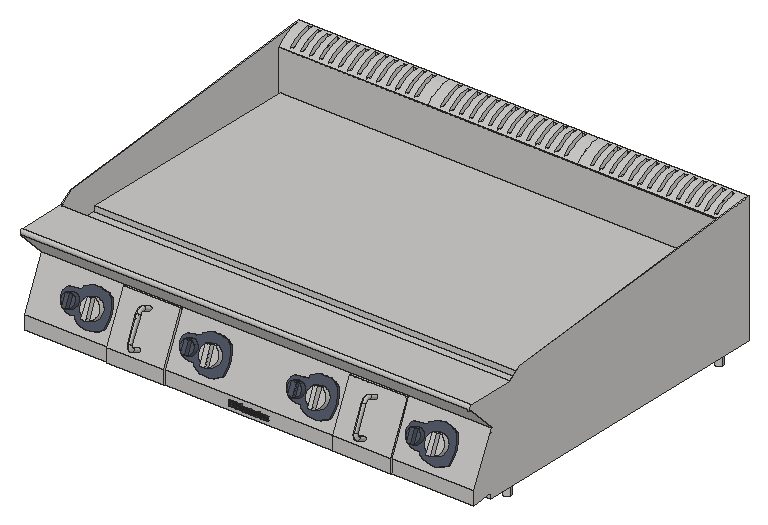
Revit family "QF_ELECTROLUXPROFESSIONAL_391404_E9IIKDAOMIA", category Specialty Equipment, Revit 2018
Family settings
  Round Connector Dimension = Use Diameter
  Part Type = Normal
  Work Plane-Based = No
  Always vertical = Yes
  Cut with Voids When Loaded = No
  Shared = No
  Room Calculation Point = No
Parameters
  Width = 1200 mm
  Weight in Pounds = 150  # constant formula
  Watts = 0 W
  Volts = 400 V
  URL Cutsheet = "www.electrolux.com"
  URL = "www.electrolux.com"
  Type Mark [instance] = ""
  Status [instance] = ""
  Specification by User [instance] = ""
  Specification by Manufacturer = ""
  Show Logo [instance] = yes
  Show Clearance [instance] = yes
  Serial Number = ""
  Seismic Rating = ""
  SMACNA No = ""
  Revision Code [instance] = ""
  Phase = 3
  Omniclass Number and Title = ""
  Number of Poles = 1
  NAFEM Spec ID Number = ""
  Model = "391222"
  Min Ckt Ampacity [instance] = 0 A
  Max Overcurrent Protection = 0 A
  Masterspec = ""
  Manufacturer = "ELECTROLUX"
  Item Number [instance] = ""
  Installed By [instance] = ""
  Identify Quantity as Lot [instance] = yes
  HP = "26.8 HP"
  Furnished By [instance] = ""
  Foodservice Equipment Identifier [instance] = yes
  FL Amps = if(Phase = 3, Watts / (Volts * 1.73), Watts / Volts)  # 0 A
  Electrical Remarks = "400 V/3N ph/50/60 Hz"  # constant formula
  Electric Connection Type [instance] = ""
  Elec Conn RI Height [instance] = 0 mm
  Elec Conn Connection Height [instance] = 0 mm
  Direct Waste Size = 0"
  Description = "900XP ELECTRIC FRY TOP,SMOOTH HORIZONTAL PLATE, MILD STEEL HP -1200mm"
  Depth = 930 mm
  Cycle = if([60 Hertz Option], 60 Hz, 50 Hz)  # 50 Hz
  Conn Plug = ""
  Conn Conduit = yes
  CSI MasterFormat = ""
  CSI Master Format = ""
  Apparent Power = if(Phase = 3, Volts * FL Amps * 1.73, Volts * FL Amps)  # 0 VA
  60 Hertz Option = not([50 Hertz Option])  # no
  50 Hertz Option = yes
Reference planes
  plane 1 "BACK": y = 0
  plane 2: z = 0
  plane 3 "LEFT": x = 0
  plane 4 "RIGHT": x = 1200
  plane 5 "FRONT": y = -930
  plane 6 "TOP": z = 369
  plane 7 "Center Y": x = 600
  plane 8 "Center X": y = -465
  plane 9: z = 24
  plane 10: x = 1189
  plane 11: x = 11
  plane 12: z = 275
  plane 13: y = -82
  plane 14: y = -790
  plane 15: x = 8
  plane 16: x = 1192
  plane 17: y = -1106
  plane 18: y = -740
  plane 19: y = -654
  plane 20: y = -50
Forms (mm)
  Extrusion 1, solid, material "QF_Finishes_Stainless Steel"
    sketch origin (0, 0, 0) x (0, 1, 0) y (0, 0, 1)
      loop
        line (-795, 275) -> (-922.639, 275)
        arc (-922.639, 275) -> (-929.44, 270.456) -> (-927.844, 262.434) r 7.361
        line (-927.844, 262.434) -> (-857.044, 191.634) -> (-915, 65.714) -> (-915, 30.922) -> (-860.028, 36.7) -> (-860.028, 24) -> (0, 24) -> (0, 215) -> (-795, 215) -> (-795, 275)
    from 0 to 1200
  Extrusion 2, solid, material "QF_Finishes_Stainless Steel"
    sketch origin (0, 0, 0) x (1, 0, 0) y (0, 1, 0)
      loop
        circle (11, -82) r 9.525
      loop
        circle (11, -790) r 9.525
      loop
        circle (1189, -82) r 9.525
      loop
        circle (1189, -790) r 9.525
    from 0 to 24
  Extrusion 3, solid, material "QF_Finishes_Navy Blue", visible <- "Show Logo"
    sketch origin (201.023, -915, 33.59) x (0, 0, 1) y (-1, 0, 0)
      loop
        line (20.486, -355.047) -> (8.12, -355.047)
        arc (8.12, -355.047) -> (14.303, -359.618) -> (20.486, -355.047) r 6.467
      loop
        arc (20.486, -354.418) -> (19.317, -349.275) -> (14.662, -346.797) r 6.338
        line (14.662, -346.797) -> (14.662, -348.843)
        arc (14.662, -348.843) -> (16.145, -352.498) -> (19.591, -354.418) r 5.941
        line (19.591, -354.418) -> (20.486, -354.418)
      loop
        arc (9.015, -354.418) -> (12.461, -352.498) -> (13.945, -348.843) r 5.941
        line (13.945, -348.843) -> (13.945, -346.797)
        arc (13.945, -346.797) -> (9.25, -349.271) -> (7.961, -354.418) r 6.504
        line (7.961, -354.418) -> (9.015, -354.418)
      loop
        line (21.161, -346.328) -> (7.417, -346.328) -> (7.417, -360.091) -> (21.161, -360.091) -> (21.161, -346.328)
      loop
        arc (21.245, -363.058) -> (20.897, -362.701) -> (20.53, -363.039) r 0.358
        arc (20.53, -363.039) -> (20.216, -363.789) -> (19.499, -364.174) r 1.216
        line (19.499, -364.174) -> (9.087, -364.174)
        arc (9.087, -364.174) -> (8.427, -363.896) -> (8.031, -363.3) r 1.238
        arc (8.031, -363.3) -> (7.636, -363.049) -> (7.33, -363.403) r 0.358
        line (7.33, -363.403) -> (7.33, -373.282) -> (10.081, -373.282) -> (10.081, -372.385)
        arc (10.081, -372.385) -> (9.172, -371.805) -> (8.717, -370.828) r 1.928
        line (8.717, -370.828) -> (8.717, -368.329)
        arc (8.717, -368.329) -> (8.992, -367.6) -> (9.681, -367.236) r 1.101
        line (9.681, -367.236) -> (13.767, -367.236) -> (13.767, -370.909)
        arc (13.767, -370.909) -> (13.415, -371.407) -> (12.849, -371.634) r 1.083
        arc (12.849, -371.634) -> (12.586, -371.94) -> (12.878, -372.218) r 0.292
        line (12.878, -372.218) -> (15.84, -372.218)
        arc (15.84, -372.218) -> (16.143, -371.945) -> (15.904, -371.615) r 0.305
        arc (15.904, -371.615) -> (15.414, -371.367) -> (15.109, -370.909) r 1.083
        line (15.109, -370.909) -> (15.109, -367.236) -> (19.786, -367.236) -> (19.786, -370.983)
        arc (19.786, -370.983) -> (19.572, -371.739) -> (18.965, -372.237) r 1.314
        arc (18.965, -372.237) -> (18.746, -372.641) -> (19.101, -372.933) r 0.361
        line (19.101, -372.933) -> (21.245, -372.933) -> (21.245, -363.058)
      loop
        arc (20.528, -373.714) -> (20.147, -374.633) -> (19.229, -375.013) r 1.299
        line (19.229, -375.013) -> (9.65, -375.013)
        arc (9.65, -375.013) -> (8.812, -374.635) -> (8.54, -373.757) r 1.118
        line (8.54, -373.757) -> (7.33, -373.757) -> (7.33, -379.107) -> (8.519, -379.107)
        arc (8.519, -379.107) -> (8.79, -378.19) -> (9.66, -377.794) r 1.153
        line (9.66, -377.794) -> (21.733, -377.794) -> (20.528, -373.714)
      loop
        line (12.295, -381.743) -> (12.295, -388.191) -> (13.094, -388.191)
        arc (13.094, -388.191) -> (15.675, -387.206) -> (16.943, -384.752) r 3.874
        line (16.943, -384.752) -> (16.943, -382.992)
        arc (16.943, -382.992) -> (15.757, -380.127) -> (12.892, -378.941) r 4.051
        line (12.892, -378.941) -> (10.884, -378.941)
        arc (10.884, -378.941) -> (8.066, -380.426) -> (7.014, -383.433) r 4.352
        arc (7.014, -383.433) -> (7.378, -385.896) -> (8.756, -387.97) r 5.713
        line (8.756, -387.97) -> (9.705, -387.97)
        arc (9.705, -387.97) -> (8.972, -386.401) -> (8.756, -384.683) r 5.579
        arc (8.756, -384.683) -> (9.55, -382.72) -> (11.429, -381.743) r 3.057
        line (11.429, -381.743) -> (12.295, -381.743)
      loop
        line (13.554, -381.743) -> (13.554, -385.325)
        arc (13.554, -385.325) -> (15.011, -385.372) -> (15.894, -384.213) r 1.59
        line (15.894, -384.213) -> (15.894, -383.383)
        arc (15.894, -383.383) -> (15.03, -382.128) -> (13.554, -381.743) r 2.184
      loop
        arc (16.345, -397.608) -> (16.834, -395.934) -> (16.992, -394.197) r 9.023
        line (16.992, -394.197) -> (16.992, -392.835)
        arc (16.992, -392.835) -> (15.832, -390.035) -> (13.033, -388.876) r 3.959
        line (13.033, -388.876) -> (10.432, -388.876)
        arc (10.432, -388.876) -> (8.151, -390.168) -> (7.033, -392.541) r 4.331
        line (7.033, -392.541) -> (7.033, -394.676)
        arc (7.033, -394.676) -> (7.542, -396.226) -> (8.463, -397.572) r 5.772
        arc (8.463, -397.572) -> (9.225, -397.623) -> (9.311, -396.864) r 0.553
        arc (9.311, -396.864) -> (8.924, -396.13) -> (8.79, -395.311) r 2.573
        line (8.79, -395.311) -> (8.79, -393.796)
        arc (8.79, -393.796) -> (9.796, -392.154) -> (11.61, -391.512) r 2.884
        line (11.61, -391.512) -> (12.889, -391.512)
        arc (12.889, -391.512) -> (14.71, -392.072) -> (15.637, -393.737) r 2.554
        line (15.637, -393.737) -> (15.637, -394.79)
        arc (15.637, -394.79) -> (15.305, -395.718) -> (14.648, -396.453) r 2.564
        arc (14.648, -396.453) -> (14.427, -397.17) -> (15.036, -397.608) r 0.643
        line (15.036, -397.608) -> (16.345, -397.608)
      loop
        line (15.327, -397.878) -> (15.327, -399.379) -> (9.279, -399.379)
        arc (9.279, -399.379) -> (7.691, -400.037) -> (7.033, -401.625) r 2.246
        line (7.033, -401.625) -> (7.033, -403.209)
        arc (7.033, -403.209) -> (7.347, -404.073) -> (7.848, -404.845) r 4.06
        arc (7.848, -404.845) -> (8.58, -404.978) -> (8.832, -404.277) r 0.576
        arc (8.832, -404.277) -> (8.726, -403.751) -> (8.79, -403.219) r 1.69
        arc (8.79, -403.219) -> (9.331, -402.431) -> (10.238, -402.128) r 1.506
        line (10.238, -402.128) -> (15.376, -402.128) -> (15.376, -404.525) -> (15.932, -405.081) -> (16.754, -405.081) -> (16.754, -402.222) -> (19.985, -402.222) -> (15.327, -397.878)
      loop
        line (7.251, -405.979) -> (7.251, -411.366) -> (8.361, -411.366)
        arc (8.361, -411.366) -> (8.755, -410.415) -> (9.706, -410.021) r 1.345
        line (9.706, -410.021) -> (13.322, -410.021)
        arc (13.322, -410.021) -> (14.087, -410.613) -> (14.376, -411.535) r 1.615
        line (14.376, -411.535) -> (14.376, -413.091) -> (16.932, -413.776) -> (16.932, -412.393) -> (14.989, -409.834) -> (16.87, -409.834) -> (16.585, -407.128)
        arc (16.585, -407.128) -> (16.146, -406.598) -> (15.487, -406.799) r 0.621
        arc (15.487, -406.799) -> (15.086, -407.141) -> (14.592, -407.324) r 1.501
        line (14.592, -407.324) -> (9.706, -407.324)
        arc (9.706, -407.324) -> (8.755, -406.93) -> (8.361, -405.979) r 1.345
        line (8.361, -405.979) -> (7.251, -405.979)
      loop
        line (13.353, -413.313) -> (10.66, -413.313)
        arc (10.66, -413.313) -> (8.215, -414.621) -> (7.081, -417.151) r 4.288
        arc (7.081, -417.151) -> (7.018, -418.532) -> (7.081, -419.912) r 15.022
        arc (7.081, -419.912) -> (8.215, -422.443) -> (10.66, -423.75) r 4.288
        line (10.66, -423.75) -> (13.353, -423.75)
        arc (13.353, -423.75) -> (15.798, -422.443) -> (16.932, -419.912) r 4.288
        arc (16.932, -419.912) -> (16.996, -418.532) -> (16.932, -417.151) r 15.022
        arc (16.932, -417.151) -> (15.798, -414.621) -> (13.353, -413.313) r 4.288
      loop
        line (13.557, -416.427) -> (10.456, -416.427)
        arc (10.456, -416.427) -> (8.299, -418.584) -> (10.456, -420.741) r 2.157
        line (10.456, -420.741) -> (13.557, -420.741)
        arc (13.557, -420.741) -> (15.714, -418.584) -> (13.557, -416.427) r 2.157
      loop
        arc (20.538, -423.608) -> (20.168, -424.502) -> (19.274, -424.873) r 1.264
        line (19.274, -424.873) -> (9.409, -424.873)
        arc (9.409, -424.873) -> (8.539, -424.476) -> (8.268, -423.56) r 1.153
        line (8.268, -423.56) -> (7.33, -423.56) -> (7.33, -428.668) -> (8.259, -428.668)
        arc (8.259, -428.668) -> (8.618, -427.896) -> (9.409, -427.581) r 1.153
        line (9.409, -427.581) -> (21.733, -427.581) -> (20.538, -423.608)
      loop
        arc (15.658, -428.206) -> (15.459, -429.27) -> (14.49, -429.752) r 1.215
        line (14.49, -429.752) -> (9.47, -429.752)
        arc (9.47, -429.752) -> (7.856, -430.399) -> (7.135, -431.982) r 2.338
        line (7.135, -431.982) -> (7.135, -433.497)
        arc (7.135, -433.497) -> (7.309, -434.501) -> (7.812, -435.387) r 2.979
        line (7.812, -435.387) -> (7.33, -437.184) -> (7.33, -438.872) -> (16.756, -438.872) -> (16.462, -434.669) -> (15.675, -434.669)
        arc (15.675, -434.669) -> (15.32, -435.505) -> (14.567, -436.014) r 1.605
        line (14.567, -436.014) -> (9.465, -436.014)
        arc (9.465, -436.014) -> (9.044, -435.077) -> (8.972, -434.053) r 2.94
        arc (8.972, -434.053) -> (9.532, -432.952) -> (10.686, -432.509) r 1.724
        line (10.686, -432.509) -> (16.882, -432.509) -> (15.658, -428.206)
      loop
        line (16.687, -439.726) -> (15.014, -441.772) -> (11.841, -444.078) -> (8.384, -440.966)
        arc (8.384, -440.966) -> (8.147, -440.572) -> (8.169, -440.113) r 0.789
        line (8.169, -440.113) -> (7.33, -440.113) -> (7.33, -443.658) -> (8.157, -443.658)
        arc (8.157, -443.658) -> (8.499, -443.296) -> (8.989, -443.388) r 0.52
        line (8.989, -443.388) -> (10.789, -444.859) -> (8.67, -446.235)
        arc (8.67, -446.235) -> (8.269, -445.925) -> (8.183, -445.425) r 0.7
        line (8.183, -445.425) -> (7.33, -445.425) -> (7.33, -451.352) -> (8.217, -451.352)
        arc (8.217, -451.352) -> (8.284, -450.693) -> (8.679, -450.162) r 1.247
        line (8.679, -450.162) -> (12.878, -446.881) -> (15.326, -448.934) -> (16.687, -450.676) -> (16.687, -446.952) -> (15.202, -447.375) -> (13.68, -446.098) -> (15.38, -444.908) -> (16.687, -445.684) -> (16.687, -439.726)
    from 0 to 1.644
  Extrusion 4, solid, material "QF_Finishes_Stainless Steel"
    sketch origin (0, 0, 0) x (0, 1, 0) y (0, 0, 1)
      loop
        line (0, 215) -> (0, 369) -> (-761.596, 296.916) -> (-795, 275) -> (-795, 215) -> (0, 215)
    from 0 to 1.6
  Extrusion 5, solid, material "QF_Finishes_Stainless Steel"
    sketch origin (1200, 0, 0) x (0, -1, 0) y (0, 0, 1)
      loop
        line (0, 215) -> (795, 215) -> (795, 275) -> (761.596, 296.916) -> (0, 369) -> (0, 215)
    from 0 to 1.6
  Extrusion 6, solid, material "QF_Finishes_Stainless Steel"
    sketch origin (0, 0, 37.263) x (0, 1, 0) y (0, 0, 1)
      loop
        line (0, 300.038) -> (0, 331.738)
        arc (0, 331.738) -> (-37.941, 322.534) -> (-69.85, 300.038) r 104.419
        line (-69.85, 300.038) -> (0, 300.038)
    from 0 to 400.05
  Extrusion 7, void
    sketch origin (0, 0, 311.9) x (0, -1, 0) y (1, 0, 0)
      loop
        line (6.761, 29.703) -> (63.911, 29.703) -> (63.911, 38.999) -> (6.761, 38.999) -> (6.761, 29.703)
      loop
        line (63.911, 64.487) -> (6.761, 64.487) -> (6.761, 55.191) -> (63.911, 55.191) -> (63.911, 64.487)
      loop
        line (63.911, 89.975) -> (6.761, 89.975) -> (6.761, 80.68) -> (63.911, 80.68) -> (63.911, 89.975)
      loop
        line (63.911, 115.464) -> (6.761, 115.464) -> (6.761, 106.168) -> (63.911, 106.168) -> (63.911, 115.464)
      loop
        line (63.911, 140.952) -> (6.761, 140.952) -> (6.761, 131.656) -> (63.911, 131.656) -> (63.911, 140.952)
      loop
        line (63.911, 166.44) -> (6.761, 166.44) -> (6.761, 157.145) -> (63.911, 157.145) -> (63.911, 166.44)
      loop
        line (63.911, 191.929) -> (6.761, 191.929) -> (6.761, 182.633) -> (63.911, 182.633) -> (63.911, 191.929)
      loop
        line (63.911, 217.417) -> (6.761, 217.417) -> (6.761, 208.121) -> (63.911, 208.121) -> (63.911, 217.417)
      loop
        line (63.911, 242.905) -> (6.761, 242.905) -> (6.761, 233.61) -> (63.911, 233.61) -> (63.911, 242.905)
      loop
        line (63.911, 268.394) -> (6.761, 268.394) -> (6.761, 259.098) -> (63.911, 259.098) -> (63.911, 268.394)
      loop
        line (63.911, 293.882) -> (6.761, 293.882) -> (6.761, 284.586) -> (63.911, 284.586) -> (63.911, 293.882)
      loop
        line (63.911, 319.37) -> (6.761, 319.37) -> (6.761, 310.075) -> (63.911, 310.075) -> (63.911, 319.37)
      loop
        line (63.911, 344.859) -> (6.761, 344.859) -> (6.761, 335.563) -> (63.911, 335.563) -> (63.911, 344.859)
      loop
        line (63.911, 370.347) -> (6.761, 370.347) -> (6.761, 361.051) -> (63.911, 361.051) -> (63.911, 370.347)
    from 27.825 to 63.5
  Extrusion 8, solid, material "QF_Finishes_Stainless Steel"
    sketch origin (400.05, 0, 37.263) x (0, 1, 0) y (0, 0, 1)
      loop
        line (0, 300.038) -> (0, 331.738)
        arc (0, 331.738) -> (-37.941, 322.534) -> (-69.85, 300.038) r 104.419
        line (-69.85, 300.038) -> (0, 300.038)
    from 0 to 400.05
  Extrusion 9, void
    sketch origin (400.05, 0, 311.9) x (0, -1, 0) y (1, 0, 0)
      loop
        line (6.761, 29.703) -> (63.911, 29.703) -> (63.911, 38.999) -> (6.761, 38.999) -> (6.761, 29.703)
      loop
        line (63.911, 64.487) -> (6.761, 64.487) -> (6.761, 55.191) -> (63.911, 55.191) -> (63.911, 64.487)
      loop
        line (63.911, 89.975) -> (6.761, 89.975) -> (6.761, 80.68) -> (63.911, 80.68) -> (63.911, 89.975)
      loop
        line (63.911, 115.464) -> (6.761, 115.464) -> (6.761, 106.168) -> (63.911, 106.168) -> (63.911, 115.464)
      loop
        line (63.911, 140.952) -> (6.761, 140.952) -> (6.761, 131.656) -> (63.911, 131.656) -> (63.911, 140.952)
      loop
        line (63.911, 166.44) -> (6.761, 166.44) -> (6.761, 157.145) -> (63.911, 157.145) -> (63.911, 166.44)
      loop
        line (63.911, 191.929) -> (6.761, 191.929) -> (6.761, 182.633) -> (63.911, 182.633) -> (63.911, 191.929)
      loop
        line (63.911, 217.417) -> (6.761, 217.417) -> (6.761, 208.121) -> (63.911, 208.121) -> (63.911, 217.417)
      loop
        line (63.911, 242.905) -> (6.761, 242.905) -> (6.761, 233.61) -> (63.911, 233.61) -> (63.911, 242.905)
      loop
        line (63.911, 268.394) -> (6.761, 268.394) -> (6.761, 259.098) -> (63.911, 259.098) -> (63.911, 268.394)
      loop
        line (63.911, 293.882) -> (6.761, 293.882) -> (6.761, 284.586) -> (63.911, 284.586) -> (63.911, 293.882)
      loop
        line (63.911, 319.37) -> (6.761, 319.37) -> (6.761, 310.075) -> (63.911, 310.075) -> (63.911, 319.37)
      loop
        line (63.911, 344.859) -> (6.761, 344.859) -> (6.761, 335.563) -> (63.911, 335.563) -> (63.911, 344.859)
      loop
        line (63.911, 370.347) -> (6.761, 370.347) -> (6.761, 361.051) -> (63.911, 361.051) -> (63.911, 370.347)
    from 27.825 to 63.5
  Extrusion 10, solid, material "QF_Finishes_Stainless Steel"
    sketch origin (800.1, 0, 37.263) x (0, 1, 0) y (0, 0, 1)
      loop
        line (0, 300.038) -> (0, 331.738)
        arc (0, 331.738) -> (-37.941, 322.534) -> (-69.85, 300.038) r 104.419
        line (-69.85, 300.038) -> (0, 300.038)
    from 0 to 399.9
  Extrusion 11, void
    sketch origin (800.1, 0, 311.9) x (0, -1, 0) y (1, 0, 0)
      loop
        line (6.761, 29.703) -> (63.911, 29.703) -> (63.911, 38.999) -> (6.761, 38.999) -> (6.761, 29.703)
      loop
        line (63.911, 64.487) -> (6.761, 64.487) -> (6.761, 55.191) -> (63.911, 55.191) -> (63.911, 64.487)
      loop
        line (63.911, 89.975) -> (6.761, 89.975) -> (6.761, 80.68) -> (63.911, 80.68) -> (63.911, 89.975)
      loop
        line (63.911, 115.464) -> (6.761, 115.464) -> (6.761, 106.168) -> (63.911, 106.168) -> (63.911, 115.464)
      loop
        line (63.911, 140.952) -> (6.761, 140.952) -> (6.761, 131.656) -> (63.911, 131.656) -> (63.911, 140.952)
      loop
        line (63.911, 166.44) -> (6.761, 166.44) -> (6.761, 157.145) -> (63.911, 157.145) -> (63.911, 166.44)
      loop
        line (63.911, 191.929) -> (6.761, 191.929) -> (6.761, 182.633) -> (63.911, 182.633) -> (63.911, 191.929)
      loop
        line (63.911, 217.417) -> (6.761, 217.417) -> (6.761, 208.121) -> (63.911, 208.121) -> (63.911, 217.417)
      loop
        line (63.911, 242.905) -> (6.761, 242.905) -> (6.761, 233.61) -> (63.911, 233.61) -> (63.911, 242.905)
      loop
        line (63.911, 268.394) -> (6.761, 268.394) -> (6.761, 259.098) -> (63.911, 259.098) -> (63.911, 268.394)
      loop
        line (63.911, 293.882) -> (6.761, 293.882) -> (6.761, 284.586) -> (63.911, 284.586) -> (63.911, 293.882)
      loop
        line (63.911, 319.37) -> (6.761, 319.37) -> (6.761, 310.075) -> (63.911, 310.075) -> (63.911, 319.37)
      loop
        line (63.911, 344.859) -> (6.761, 344.859) -> (6.761, 335.563) -> (63.911, 335.563) -> (63.911, 344.859)
      loop
        line (63.911, 370.347) -> (6.761, 370.347) -> (6.761, 361.051) -> (63.911, 361.051) -> (63.911, 370.347)
    from 27.825 to 63.5
  Extrusion 12, solid, material "QF_Finishes_Stainless Steel"
    sketch origin (0, 0, 0) x (0, 1, 0) y (0, 0, 1)
      loop
        line (-71.515, 230) -> (-689.956, 230) -> (-689.956, 215) -> (-71.515, 215) -> (-71.515, 230)
    from 8 to 1192
  Extrusion 13, solid, material "QF_Finishes_Stainless Steel"
    sketch origin (0, -795, 215) x (0, 1, 0) y (-1, 0, 0)
      loop
        line (795, -1.6) -> (723.485, -1.6) -> (723.485, -1198.4) -> (795, -1198.4) -> (795, -1.6)
    from 0 to 122.3
  Extrusion 14, solid, material "QF_Finishes_Stainless Steel"
    sketch origin (221.15, -201.228, -3.289) x (0, 1, 0) y (0, 0, 1)
      loop
        line (-657.416, 191.447) -> (-660.323, 192.784) -> (-716.972, 69.704) -> (-716.972, 34.211) -> (-713.772, 34.211) -> (-713.772, 69.003) -> (-657.416, 191.447)
    from 0 to 153.85
  Extrusion 15, solid, material "QF_Door-Drawer Clearances", visible <- "Show Clearance", detail levels coarse
    sketch origin (221.15, -201.228, -3.289) x (0, 1, 0) y (0, 0, 1)
      loop
        line (-660.323, 192.784) -> (-823.717, 192.784) -> (-880.366, 69.704) -> (-880.366, 34.211) -> (-716.972, 34.211) -> (-716.972, 69.704) -> (-660.323, 192.784)
    from 0 to 153.85
  Extrusion 16, solid, material "QF_Finishes_Stainless Steel"
    sketch origin (978.85, -201.228, -3.289) x (0, 1, 0) y (0, 0, -1)
      loop
        line (-657.416, -191.447) -> (-713.772, -69.003) -> (-713.772, -34.211) -> (-716.972, -34.211) -> (-716.972, -69.704) -> (-660.323, -192.784) -> (-657.416, -191.447)
    from 0 to 153.85
  Extrusion 17, solid, material "QF_Door-Drawer Clearances", visible <- "Show Clearance", detail levels coarse
    sketch origin (978.85, -201.228, -3.289) x (0, 1, 0) y (0, 0, -1)
      loop
        line (-660.323, -192.784) -> (-716.972, -69.704) -> (-716.972, -34.211) -> (-880.366, -34.211) -> (-880.366, -69.704) -> (-823.717, -192.784) -> (-660.323, -192.784)
    from 0 to 153.85
  Extrusion 18, solid, material "QF_Finishes_Navy Blue"
    sketch origin (-58.715, -915.512, 64.603) x (0, 0.418102, 0.9084) y (-1, 0, 0)
      loop
        arc (104.355, -502.587) -> (101.326, -501.258) -> (98.25, -500.039) r 91.066
        arc (98.25, -500.039) -> (96.592, -482.449) -> (93.213, -465.107) r 179.528
        arc (93.213, -465.107) -> (69.244, -452.795) -> (45.274, -465.107) r 29.489
        arc (45.274, -465.107) -> (38.909, -481.441) -> (37.449, -498.912) r 61.044
        arc (37.449, -498.912) -> (34.471, -499.962) -> (31.532, -501.116) r 91.066
        arc (31.532, -501.116) -> (19.517, -540.223) -> (32.929, -578.873) r 65.817
        arc (32.929, -578.873) -> (68.105, -585.173) -> (102.996, -577.452) r 91.066
        arc (102.996, -577.452) -> (115.418, -540.233) -> (104.355, -502.587) r 65.546
    from 0 to 3.175
  Extrusion 19, solid, material "QF_Finishes_Stainless Steel"
    sketch origin (320.035, -919.225, 64.128) x (0, 0.418102, 0.9084) y (-1, 0, 0)
      loop
        circle (68.826, -160.963) r 25.4
    from 0 to 12.7
  Extrusion 20, solid, material "QF_Finishes_Stainless Steel"
    sketch origin (320.035, -930.762, 69.438) x (0, 0.418102, 0.9084) y (-1, 0, 0)
      loop
        arc (93.558, -166.749) -> (94.226, -160.963) -> (93.558, -155.177) r 25.4
        line (93.558, -155.177) -> (44.094, -155.177)
        arc (44.094, -155.177) -> (43.426, -160.963) -> (44.094, -166.749) r 25.4
        line (44.094, -166.749) -> (93.558, -166.749)
    from 0 to 12.7
  Extrusion 21, solid, material "QF_Finishes_Navy Blue"
    sketch origin (262.535, -919.225, 64.128) x (0, 0.418102, 0.9084) y (-1, 0, 0)
      loop
        circle (68.826, -160.963) r 18.37
    from 0 to 12.7
  Extrusion 22, solid, material "QF_Finishes_Navy Blue"
    sketch origin (261.244, -930.762, 69.438) x (0, 0.418102, 0.9084) y (-1, 0, 0)
      loop
        arc (84.808, -167.687) -> (85.476, -161.901) -> (84.808, -156.114) r 25.4
        line (84.808, -156.114) -> (52.844, -156.114)
        arc (52.844, -156.114) -> (52.176, -161.901) -> (52.844, -167.687) r 25.4
        line (52.844, -167.687) -> (84.808, -167.687)
    from 0 to 8.112
  Extrusion 23, solid, material "QF_Finishes_Navy Blue"
    sketch origin (-376.215, -915.512, 64.603) x (0, 0.418102, 0.9084) y (-1, 0, 0)
      loop
        arc (104.355, -502.587) -> (101.326, -501.258) -> (98.25, -500.039) r 91.066
        arc (98.25, -500.039) -> (96.592, -482.449) -> (93.213, -465.107) r 179.528
        arc (93.213, -465.107) -> (69.244, -452.795) -> (45.274, -465.107) r 29.489
        arc (45.274, -465.107) -> (38.909, -481.441) -> (37.449, -498.912) r 61.044
        arc (37.449, -498.912) -> (34.471, -499.962) -> (31.532, -501.116) r 91.066
        arc (31.532, -501.116) -> (19.517, -540.223) -> (32.929, -578.873) r 65.817
        arc (32.929, -578.873) -> (68.105, -585.173) -> (102.996, -577.452) r 91.066
        arc (102.996, -577.452) -> (115.418, -540.233) -> (104.355, -502.587) r 65.546
    from 0 to 3.175
  Extrusion 24, solid, material "QF_Finishes_Stainless Steel"
    sketch origin (2.535, -919.225, 64.128) x (0, 0.418102, 0.9084) y (-1, 0, 0)
      loop
        circle (68.826, -160.963) r 25.4
    from 0 to 12.7
  Extrusion 25, solid, material "QF_Finishes_Stainless Steel"
    sketch origin (2.535, -930.762, 69.438) x (0, 0.418102, 0.9084) y (-1, 0, 0)
      loop
        arc (93.558, -166.749) -> (94.226, -160.963) -> (93.558, -155.177) r 25.4
        line (93.558, -155.177) -> (44.094, -155.177)
        arc (44.094, -155.177) -> (43.426, -160.963) -> (44.094, -166.749) r 25.4
        line (44.094, -166.749) -> (93.558, -166.749)
    from 0 to 12.7
  Extrusion 26, solid, material "QF_Finishes_Navy Blue"
    sketch origin (-54.965, -919.225, 64.128) x (0, 0.418102, 0.9084) y (-1, 0, 0)
      loop
        circle (68.826, -160.963) r 18.37
    from 0 to 12.7
  Extrusion 27, solid, material "QF_Finishes_Navy Blue"
    sketch origin (-56.256, -930.762, 69.438) x (0, 0.418102, 0.9084) y (-1, 0, 0)
      loop
        arc (84.808, -167.687) -> (85.476, -161.901) -> (84.808, -156.114) r 25.4
        line (84.808, -156.114) -> (52.844, -156.114)
        arc (52.844, -156.114) -> (52.176, -161.901) -> (52.844, -167.687) r 25.4
        line (52.844, -167.687) -> (84.808, -167.687)
    from 0 to 8.112
  Extrusion 28, solid, material "QF_Finishes_Navy Blue"
    sketch origin (545.135, -915.512, 64.603) x (0, 0.418102, 0.9084) y (-1, 0, 0)
      loop
        arc (104.355, -502.587) -> (101.326, -501.258) -> (98.25, -500.039) r 91.066
        arc (98.25, -500.039) -> (96.592, -482.449) -> (93.213, -465.107) r 179.528
        arc (93.213, -465.107) -> (69.244, -452.795) -> (45.274, -465.107) r 29.489
        arc (45.274, -465.107) -> (38.909, -481.441) -> (37.449, -498.912) r 61.044
        arc (37.449, -498.912) -> (34.471, -499.962) -> (31.532, -501.116) r 91.066
        arc (31.532, -501.116) -> (19.517, -540.223) -> (32.929, -578.873) r 65.817
        arc (32.929, -578.873) -> (68.105, -585.173) -> (102.996, -577.452) r 91.066
        arc (102.996, -577.452) -> (115.418, -540.233) -> (104.355, -502.587) r 65.546
    from 0 to 3.175
  Extrusion 29, solid, material "QF_Finishes_Stainless Steel"
    sketch origin (923.885, -919.225, 64.128) x (0, 0.418102, 0.9084) y (-1, 0, 0)
      loop
        circle (68.826, -160.963) r 25.4
    from 0 to 12.7
  Extrusion 30, solid, material "QF_Finishes_Stainless Steel"
    sketch origin (923.885, -930.762, 69.438) x (0, 0.418102, 0.9084) y (-1, 0, 0)
      loop
        arc (93.558, -166.749) -> (94.226, -160.963) -> (93.558, -155.177) r 25.4
        line (93.558, -155.177) -> (44.094, -155.177)
        arc (44.094, -155.177) -> (43.426, -160.963) -> (44.094, -166.749) r 25.4
        line (44.094, -166.749) -> (93.558, -166.749)
    from 0 to 12.7
  Extrusion 31, solid, material "QF_Finishes_Navy Blue"
    sketch origin (866.385, -919.225, 64.128) x (0, 0.418102, 0.9084) y (-1, 0, 0)
      loop
        circle (68.826, -160.963) r 18.37
    from 0 to 12.7
  Extrusion 32, solid, material "QF_Finishes_Navy Blue"
    sketch origin (865.094, -930.762, 69.438) x (0, 0.418102, 0.9084) y (-1, 0, 0)
      loop
        arc (84.808, -167.687) -> (85.476, -161.901) -> (84.808, -156.114) r 25.4
        line (84.808, -156.114) -> (52.844, -156.114)
        arc (52.844, -156.114) -> (52.176, -161.901) -> (52.844, -167.687) r 25.4
        line (52.844, -167.687) -> (84.808, -167.687)
    from 0 to 8.112
  Extrusion 33, solid, material "QF_Finishes_Navy Blue"
    sketch origin (227.635, -915.512, 64.603) x (0, 0.418102, 0.9084) y (-1, 0, 0)
      loop
        arc (104.355, -502.587) -> (101.326, -501.258) -> (98.25, -500.039) r 91.066
        arc (98.25, -500.039) -> (96.592, -482.449) -> (93.213, -465.107) r 179.528
        arc (93.213, -465.107) -> (69.244, -452.795) -> (45.274, -465.107) r 29.489
        arc (45.274, -465.107) -> (38.909, -481.441) -> (37.449, -498.912) r 61.044
        arc (37.449, -498.912) -> (34.471, -499.962) -> (31.532, -501.116) r 91.066
        arc (31.532, -501.116) -> (19.517, -540.223) -> (32.929, -578.873) r 65.817
        arc (32.929, -578.873) -> (68.105, -585.173) -> (102.996, -577.452) r 91.066
        arc (102.996, -577.452) -> (115.418, -540.233) -> (104.355, -502.587) r 65.546
    from 0 to 3.175
  Extrusion 34, solid, material "QF_Finishes_Stainless Steel"
    sketch origin (606.385, -919.225, 64.128) x (0, 0.418102, 0.9084) y (-1, 0, 0)
      loop
        circle (68.826, -160.963) r 25.4
    from 0 to 12.7
  Extrusion 35, solid, material "QF_Finishes_Stainless Steel"
    sketch origin (606.385, -930.762, 69.438) x (0, 0.418102, 0.9084) y (-1, 0, 0)
      loop
        arc (93.558, -166.749) -> (94.226, -160.963) -> (93.558, -155.177) r 25.4
        line (93.558, -155.177) -> (44.094, -155.177)
        arc (44.094, -155.177) -> (43.426, -160.963) -> (44.094, -166.749) r 25.4
        line (44.094, -166.749) -> (93.558, -166.749)
    from 0 to 12.7
  Extrusion 36, solid, material "QF_Finishes_Navy Blue"
    sketch origin (548.885, -919.225, 64.128) x (0, 0.418102, 0.9084) y (-1, 0, 0)
      loop
        circle (68.826, -160.963) r 18.37
    from 0 to 12.7
  Extrusion 37, solid, material "QF_Finishes_Navy Blue"
    sketch origin (547.594, -930.762, 69.438) x (0, 0.418102, 0.9084) y (-1, 0, 0)
      loop
        arc (84.808, -167.687) -> (85.476, -161.901) -> (84.808, -156.114) r 25.4
        line (84.808, -156.114) -> (52.844, -156.114)
        arc (52.844, -156.114) -> (52.176, -161.901) -> (52.844, -167.687) r 25.4
        line (52.844, -167.687) -> (84.808, -167.687)
    from 0 to 8.112
  Sweep 38, solid, material "QF_Door-Drawer Clearances", visible <- "Show Clearance", detail levels coarse
    path origin (298.65, -364.622, -3.289) x (0, 1, 0) y (0, 0, 1)
      loop
        line (-670.615, 170.424) -> (-691.243, 179.918)
        arc (-691.243, 179.918) -> (-700.956, 180.294) -> (-708.09, 173.692) r 12.7
        line (-708.09, 173.692) -> (-735.638, 113.839)
        arc (-735.638, 113.839) -> (-736.013, 104.126) -> (-729.411, 96.993) r 12.7
        line (-729.411, 96.993) -> (-708.782, 87.498)
    profile origin (298.65, -1045.551, 171.882) x (0, -0.418102, -0.9084) y (1, 0, 0)
      loop
        circle (0, 0) r 4.572
  Sweep 39, solid, material "QF_Door-Drawer Clearances", visible <- "Show Clearance", detail levels coarse
    path origin (901.35, -364.622, -3.289) x (0, 1, 0) y (0, 0, -1)
      loop
        line (-670.615, -170.424) -> (-691.243, -179.918)
        arc (-691.243, -179.918) -> (-700.956, -180.294) -> (-708.09, -173.692) r 12.7
        line (-708.09, -173.692) -> (-735.638, -113.839)
        arc (-735.638, -113.839) -> (-736.013, -104.126) -> (-729.411, -96.993) r 12.7
        line (-729.411, -96.993) -> (-708.782, -87.498)
    profile origin (901.35, -1045.551, 171.882) x (0, 0.418102, 0.9084) y (-1, 0, 0)
      loop
        circle (0, 0) r 4.572
  Extrusion 40, void
    sketch origin (0, 0, 0) x (1, 0, 0) y (0, 1, 0)
      loop
        circle (299.572, -743.936) r 20
      loop
        circle (900.428, -743.936) r 20
    from 174.463 to 215
  Extrusion 41, solid, material "QF_Clearances", visible <- "Show Clearance", detail levels coarse
    sketch origin (0, 0, 0) x (1, 0, 0) y (0, 1, 0)
      loop
        line (1200, -930) -> (1350, -930) -> (1350, 100) -> (-150, 100) -> (-150, -930) -> (0, -930) -> (0, 0) -> (1200, 0) -> (1200, -930)
    from 0 to 369
  Sweep 42, solid, material "QF_Finishes_Stainless Steel"
    path origin (298.65, -201.228, -3.289) x (0, 1, 0) y (0, 0, 1)
      loop
        line (-670.615, 170.424) -> (-691.243, 179.918)
        arc (-691.243, 179.918) -> (-700.956, 180.294) -> (-708.09, 173.692) r 12.7
        line (-708.09, 173.692) -> (-735.638, 113.839)
        arc (-735.638, 113.839) -> (-736.013, 104.126) -> (-729.411, 96.993) r 12.7
        line (-729.411, 96.993) -> (-708.782, 87.498)
    profile origin (298.65, -882.157, 171.882) x (0, -0.418102, -0.9084) y (1, 0, 0)
      loop
        circle (0, 0) r 4.572
  Sweep 43, solid, material "QF_Finishes_Stainless Steel"
    path origin (901.35, -201.228, -3.289) x (0, 1, 0) y (0, 0, -1)
      loop
        line (-670.615, -170.424) -> (-691.243, -179.918)
        arc (-691.243, -179.918) -> (-700.956, -180.294) -> (-708.09, -173.692) r 12.7
        line (-708.09, -173.692) -> (-735.638, -113.839)
        arc (-735.638, -113.839) -> (-736.013, -104.126) -> (-729.411, -96.993) r 12.7
        line (-729.411, -96.993) -> (-708.782, -87.498)
    profile origin (901.35, -882.157, 171.882) x (0, 0.418102, 0.9084) y (-1, 0, 0)
      loop
        circle (0, 0) r 4.572
  Revolve 44, solid, material "QF_Finishes_Stainless Steel"
    sketch origin (1153, 0, 41) x (0, 1, 0) y (0, 0, 1)
      loop
        line (0, 0) -> (35, 0) -> (35, 15) -> (10, 15) -> (10, 10) -> (0, 10) -> (0, 0)
      axis (0, 0) -> (35, 0)
    angle from 0 to 360
  Extrusion 45, solid, material "QF_Finishes_Stainless Steel"
    sketch origin (0, -101.6, 24) x (-1, 0, 0) y (0, 1, 0)
      loop
        circle (-1150, -552.4) r 12.7
      loop
        circle (-1150, 51.6) r 12.7
    from 0 to 5
Cuts and joins
  Extrusion 40 cuts Extrusion 1
  Extrusion 7, Extrusion 9 cuts Extrusion 6
  Extrusion 9, Extrusion 11 cuts Extrusion 8
  Extrusion 11 cuts Extrusion 10
  joined: Extrusion 1, Extrusion 4, Extrusion 5, Extrusion 6, Extrusion 8, Extrusion 10, Extrusion 13
Lines and regions (mm)
  symbolic lines
    curve 1: circle (299.572, -743.936, 0) r 20 normal (0, 0, 1)
    curve 2: circle (900.428, -743.936, 0) r 20 normal (0, 0, -1)
    curve 3: line (1200, -930, 0) -> (0, -930, 0)
    curve 4: line (0, 0, 0) -> (0, -930, 0)
    curve 5: line (1200, -930, 0) -> (1200, 0, 0)
    curve 6: line (1200, 0, 0) -> (0, 0, 0)
    curve 7: line (8, -689.956, 0) -> (1192, -689.956, 0)
    curve 8: line (1198.4, -795, 0) -> (1.6, -795, 0)
    curve 27: line (0, -71.515, 0) -> (1200, -71.515, 0)
    curve 28: line (1170.447, -63.911, 0) -> (1161.151, -63.911, 0)
    curve 29: line (1170.447, -6.761, 0) -> (1170.447, -63.911, 0)
    curve 30: line (1161.151, -6.761, 0) -> (1170.447, -6.761, 0)
    curve 31: line (1161.151, -63.911, 0) -> (1161.151, -6.761, 0)
    curve 32: line (1144.959, -63.911, 0) -> (1135.663, -63.911, 0)
    curve 33: line (1144.959, -6.761, 0) -> (1144.959, -63.911, 0)
    curve 34: line (1135.663, -6.761, 0) -> (1144.959, -6.761, 0)
    curve 35: line (1135.663, -63.911, 0) -> (1135.663, -6.761, 0)
    curve 36: line (1119.47, -63.911, 0) -> (1110.175, -63.911, 0)
    curve 37: line (1119.47, -6.761, 0) -> (1119.47, -63.911, 0)
    curve 38: line (1110.175, -6.761, 0) -> (1119.47, -6.761, 0)
    curve 39: line (1110.175, -63.911, 0) -> (1110.175, -6.761, 0)
    curve 40: line (1093.982, -63.911, 0) -> (1084.686, -63.911, 0)
    curve 41: line (1093.982, -6.761, 0) -> (1093.982, -63.911, 0)
    curve 42: line (1084.686, -6.761, 0) -> (1093.982, -6.761, 0)
    curve 43: line (1084.686, -63.911, 0) -> (1084.686, -6.761, 0)
    curve 44: line (1068.494, -63.911, 0) -> (1059.198, -63.911, 0)
    curve 45: line (1068.494, -6.761, 0) -> (1068.494, -63.911, 0)
    curve 46: line (1059.198, -6.761, 0) -> (1068.494, -6.761, 0)
    curve 47: line (1059.198, -63.911, 0) -> (1059.198, -6.761, 0)
    curve 48: line (1043.005, -63.911, 0) -> (1033.71, -63.911, 0)
    curve 49: line (1043.005, -6.761, 0) -> (1043.005, -63.911, 0)
    curve 50: line (1033.71, -6.761, 0) -> (1043.005, -6.761, 0)
    curve 51: line (1033.71, -63.911, 0) -> (1033.71, -6.761, 0)
    curve 52: line (1017.517, -63.911, 0) -> (1008.221, -63.911, 0)
    curve 53: line (1017.517, -6.761, 0) -> (1017.517, -63.911, 0)
    curve 54: line (1008.221, -6.761, 0) -> (1017.517, -6.761, 0)
    curve 55: line (1008.221, -63.911, 0) -> (1008.221, -6.761, 0)
    curve 56: line (992.029, -63.911, 0) -> (982.733, -63.911, 0)
    curve 57: line (992.029, -6.761, 0) -> (992.029, -63.911, 0)
    curve 58: line (982.733, -6.761, 0) -> (992.029, -6.761, 0)
    curve 59: line (982.733, -63.911, 0) -> (982.733, -6.761, 0)
    curve 60: line (966.54, -63.911, 0) -> (957.245, -63.911, 0)
    curve 61: line (966.54, -6.761, 0) -> (966.54, -63.911, 0)
    curve 62: line (957.245, -6.761, 0) -> (966.54, -6.761, 0)
    curve 63: line (957.245, -63.911, 0) -> (957.245, -6.761, 0)
    curve 64: line (941.052, -63.911, 0) -> (931.756, -63.911, 0)
    curve 65: line (941.052, -6.761, 0) -> (941.052, -63.911, 0)
    curve 66: line (931.756, -6.761, 0) -> (941.052, -6.761, 0)
    curve 67: line (931.756, -63.911, 0) -> (931.756, -6.761, 0)
    curve 68: line (915.564, -63.911, 0) -> (906.268, -63.911, 0)
    curve 69: line (915.564, -6.761, 0) -> (915.564, -63.911, 0)
    curve 70: line (906.268, -6.761, 0) -> (915.564, -6.761, 0)
    curve 71: line (906.268, -63.911, 0) -> (906.268, -6.761, 0)
    curve 72: line (890.075, -63.911, 0) -> (880.78, -63.911, 0)
    curve 73: line (890.075, -6.761, 0) -> (890.075, -63.911, 0)
    curve 74: line (880.78, -6.761, 0) -> (890.075, -6.761, 0)
    curve 75: line (880.78, -63.911, 0) -> (880.78, -6.761, 0)
    curve 76: line (864.587, -63.911, 0) -> (855.291, -63.911, 0)
    curve 77: line (864.587, -6.761, 0) -> (864.587, -63.911, 0)
    curve 78: line (855.291, -6.761, 0) -> (864.587, -6.761, 0)
    curve 79: line (855.291, -63.911, 0) -> (855.291, -6.761, 0)
    curve 80: line (839.099, -63.911, 0) -> (829.803, -63.911, 0)
    curve 81: line (839.099, -6.761, 0) -> (839.099, -63.911, 0)
    curve 82: line (829.803, -6.761, 0) -> (839.099, -6.761, 0)
    curve 83: line (829.803, -63.911, 0) -> (829.803, -6.761, 0)
    curve 84: line (770.397, -63.911, 0) -> (761.101, -63.911, 0)
    curve 85: line (770.397, -6.761, 0) -> (770.397, -63.911, 0)
    curve 86: line (761.101, -6.761, 0) -> (770.397, -6.761, 0)
    curve 87: line (761.101, -63.911, 0) -> (761.101, -6.761, 0)
    curve 88: line (744.909, -63.911, 0) -> (735.613, -63.911, 0)
    curve 89: line (744.909, -6.761, 0) -> (744.909, -63.911, 0)
    curve 90: line (735.613, -6.761, 0) -> (744.909, -6.761, 0)
    curve 91: line (735.613, -63.911, 0) -> (735.613, -6.761, 0)
    curve 92: line (719.42, -63.911, 0) -> (710.125, -63.911, 0)
    curve 93: line (719.42, -6.761, 0) -> (719.42, -63.911, 0)
    curve 94: line (710.125, -6.761, 0) -> (719.42, -6.761, 0)
    curve 95: line (710.125, -63.911, 0) -> (710.125, -6.761, 0)
    curve 96: line (693.932, -63.911, 0) -> (684.636, -63.911, 0)
    curve 97: line (693.932, -6.761, 0) -> (693.932, -63.911, 0)
    curve 98: line (684.636, -6.761, 0) -> (693.932, -6.761, 0)
    curve 99: line (684.636, -63.911, 0) -> (684.636, -6.761, 0)
    curve 100: line (668.444, -63.911, 0) -> (659.148, -63.911, 0)
    curve 101: line (668.444, -6.761, 0) -> (668.444, -63.911, 0)
    curve 102: line (659.148, -6.761, 0) -> (668.444, -6.761, 0)
    curve 103: line (659.148, -63.911, 0) -> (659.148, -6.761, 0)
    curve 104: line (642.955, -63.911, 0) -> (633.66, -63.911, 0)
    curve 105: line (642.955, -6.761, 0) -> (642.955, -63.911, 0)
    curve 106: line (633.66, -6.761, 0) -> (642.955, -6.761, 0)
    curve 107: line (633.66, -63.911, 0) -> (633.66, -6.761, 0)
    curve 108: line (617.467, -63.911, 0) -> (608.171, -63.911, 0)
    curve 109: line (617.467, -6.761, 0) -> (617.467, -63.911, 0)
    curve 110: line (608.171, -6.761, 0) -> (617.467, -6.761, 0)
    curve 111: line (608.171, -63.911, 0) -> (608.171, -6.761, 0)
    curve 112: line (591.979, -63.911, 0) -> (582.683, -63.911, 0)
    curve 113: line (591.979, -6.761, 0) -> (591.979, -63.911, 0)
    curve 114: line (582.683, -6.761, 0) -> (591.979, -6.761, 0)
    curve 115: line (582.683, -63.911, 0) -> (582.683, -6.761, 0)
    curve 116: line (566.49, -63.911, 0) -> (557.195, -63.911, 0)
    curve 117: line (566.49, -6.761, 0) -> (566.49, -63.911, 0)
    curve 118: line (557.195, -6.761, 0) -> (566.49, -6.761, 0)
    curve 119: line (557.195, -63.911, 0) -> (557.195, -6.761, 0)
    curve 120: line (541.002, -63.911, 0) -> (531.706, -63.911, 0)
    curve 121: line (541.002, -6.761, 0) -> (541.002, -63.911, 0)
    curve 122: line (531.706, -6.761, 0) -> (541.002, -6.761, 0)
    curve 123: line (531.706, -63.911, 0) -> (531.706, -6.761, 0)
    curve 124: line (515.514, -63.911, 0) -> (506.218, -63.911, 0)
    curve 125: line (515.514, -6.761, 0) -> (515.514, -63.911, 0)
    curve 126: line (506.218, -6.761, 0) -> (515.514, -6.761, 0)
    curve 127: line (506.218, -63.911, 0) -> (506.218, -6.761, 0)
    curve 128: line (490.025, -63.911, 0) -> (480.73, -63.911, 0)
    curve 129: line (490.025, -6.761, 0) -> (490.025, -63.911, 0)
    curve 130: line (480.73, -6.761, 0) -> (490.025, -6.761, 0)
    curve 131: line (480.73, -63.911, 0) -> (480.73, -6.761, 0)
    curve 132: line (464.537, -63.911, 0) -> (455.241, -63.911, 0)
    curve 133: line (464.537, -6.761, 0) -> (464.537, -63.911, 0)
    curve 134: line (455.241, -6.761, 0) -> (464.537, -6.761, 0)
    curve 135: line (455.241, -63.911, 0) -> (455.241, -6.761, 0)
    curve 136: line (439.049, -63.911, 0) -> (429.753, -63.911, 0)
    curve 137: line (439.049, -6.761, 0) -> (439.049, -63.911, 0)
    curve 138: line (429.753, -6.761, 0) -> (439.049, -6.761, 0)
    curve 139: line (429.753, -63.911, 0) -> (429.753, -6.761, 0)
    curve 140: line (370.347, -63.911, 0) -> (361.051, -63.911, 0)
    curve 141: line (370.347, -6.761, 0) -> (370.347, -63.911, 0)
    curve 142: line (361.051, -6.761, 0) -> (370.347, -6.761, 0)
    curve 143: line (361.051, -63.911, 0) -> (361.051, -6.761, 0)
    curve 144: line (344.859, -63.911, 0) -> (335.563, -63.911, 0)
    curve 145: line (344.859, -6.761, 0) -> (344.859, -63.911, 0)
    curve 146: line (335.563, -6.761, 0) -> (344.859, -6.761, 0)
    curve 147: line (335.563, -63.911, 0) -> (335.563, -6.761, 0)
    curve 148: line (319.37, -63.911, 0) -> (310.075, -63.911, 0)
    curve 149: line (319.37, -6.761, 0) -> (319.37, -63.911, 0)
    curve 150: line (310.075, -6.761, 0) -> (319.37, -6.761, 0)
    curve 151: line (310.075, -63.911, 0) -> (310.075, -6.761, 0)
    curve 152: line (293.882, -63.911, 0) -> (284.586, -63.911, 0)
    curve 153: line (293.882, -6.761, 0) -> (293.882, -63.911, 0)
    curve 154: line (284.586, -6.761, 0) -> (293.882, -6.761, 0)
    curve 155: line (284.586, -63.911, 0) -> (284.586, -6.761, 0)
    curve 156: line (268.394, -63.911, 0) -> (259.098, -63.911, 0)
    curve 157: line (268.394, -6.761, 0) -> (268.394, -63.911, 0)
    curve 158: line (259.098, -6.761, 0) -> (268.394, -6.761, 0)
    curve 159: line (259.098, -63.911, 0) -> (259.098, -6.761, 0)
    curve 160: line (242.905, -63.911, 0) -> (233.61, -63.911, 0)
    curve 161: line (242.905, -6.761, 0) -> (242.905, -63.911, 0)
    curve 162: line (233.61, -6.761, 0) -> (242.905, -6.761, 0)
    curve 163: line (233.61, -63.911, 0) -> (233.61, -6.761, 0)
    curve 164: line (217.417, -63.911, 0) -> (208.121, -63.911, 0)
    curve 165: line (217.417, -6.761, 0) -> (217.417, -63.911, 0)
    curve 166: line (208.121, -6.761, 0) -> (217.417, -6.761, 0)
    curve 167: line (208.121, -63.911, 0) -> (208.121, -6.761, 0)
    curve 168: line (191.929, -63.911, 0) -> (182.633, -63.911, 0)
    curve 169: line (191.929, -6.761, 0) -> (191.929, -63.911, 0)
    curve 170: line (182.633, -6.761, 0) -> (191.929, -6.761, 0)
    curve 171: line (182.633, -63.911, 0) -> (182.633, -6.761, 0)
    curve 172: line (166.44, -63.911, 0) -> (157.145, -63.911, 0)
    curve 173: line (166.44, -6.761, 0) -> (166.44, -63.911, 0)
    curve 174: line (157.145, -6.761, 0) -> (166.44, -6.761, 0)
    curve 175: line (157.145, -63.911, 0) -> (157.145, -6.761, 0)
    curve 176: line (140.952, -63.911, 0) -> (131.656, -63.911, 0)
    curve 177: line (140.952, -6.761, 0) -> (140.952, -63.911, 0)
    curve 178: line (131.656, -6.761, 0) -> (140.952, -6.761, 0)
    curve 179: line (131.656, -63.911, 0) -> (131.656, -6.761, 0)
    curve 180: line (115.464, -63.911, 0) -> (106.168, -63.911, 0)
    curve 181: line (115.464, -6.761, 0) -> (115.464, -63.911, 0)
    curve 182: line (106.168, -6.761, 0) -> (115.464, -6.761, 0)
    curve 183: line (106.168, -63.911, 0) -> (106.168, -6.761, 0)
    curve 184: line (89.975, -63.911, 0) -> (80.68, -63.911, 0)
    curve 185: line (89.975, -6.761, 0) -> (89.975, -63.911, 0)
    curve 186: line (80.68, -6.761, 0) -> (89.975, -6.761, 0)
    curve 187: line (80.68, -63.911, 0) -> (80.68, -6.761, 0)
    curve 188: line (64.487, -63.911, 0) -> (55.191, -63.911, 0)
    curve 189: line (64.487, -6.761, 0) -> (64.487, -63.911, 0)
    curve 190: line (55.191, -6.761, 0) -> (64.487, -6.761, 0)
    curve 191: line (55.191, -63.911, 0) -> (55.191, -6.761, 0)
    curve 192: line (38.999, -63.911, 0) -> (29.703, -63.911, 0)
    curve 193: line (38.999, -6.761, 0) -> (38.999, -63.911, 0)
    curve 194: line (29.703, -6.761, 0) -> (38.999, -6.761, 0)
    curve 195: line (29.703, -63.911, 0) -> (29.703, -6.761, 0)
  symbolic lines, style "QF_Door-Drawer Clearances"
    curve 9: line (221.15, -930, 0) -> (221.15, -1081.594, 0)
    curve 10: line (221.15, -1081.594, 0) -> (294.081, -1081.594, 0)
    curve 11: line (375, -1081.594, 0) -> (375, -930, 0)
    curve 12: spline (294.081, -1035.236, 0) -> (294.113, -1034.988, 0) -> (294.209, -1034.744, 0) -> (294.367, -1034.509, 0) -> (294.585, -1034.286, 0) -> (294.858, -1034.079, 0) -> (295.183, -1033.892, 0) -> (295.552, -1033.728, 0) -> (295.961, -1033.59, 0) -> (296.402, -1033.48, 0) -> (296.868, -1033.4, 0) -> (297.35, -1033.352, 0) -> (297.841, -1033.336, 0)
    curve 13: spline (297.841, -1033.336, 0) -> (298.509, -1033.314, 0) -> (299.178, -1033.332, 0) -> (299.834, -1033.388, 0) -> (300.463, -1033.483, 0) -> (301.053, -1033.614, 0) -> (301.591, -1033.778, 0) -> (302.067, -1033.972, 0) -> (302.47, -1034.193, 0) -> (302.792, -1034.434, 0) -> (303.028, -1034.692, 0) -> (303.171, -1034.961, 0) -> (303.219, -1035.236, 0)
    curve 14: line (294.081, -1035.236, 0) -> (294.081, -1101.431, 0)
    curve 15: line (303.219, -1035.236, 0) -> (303.219, -1101.431, 0)
    curve 16: arc (294.081, -1101.431, 0) -> (298.65, -1106, 0) -> (303.219, -1101.431, 0) r 4.569
    curve 17: line (303.219, -1081.594, 0) -> (375, -1081.594, 0)
    curve 18: line (825, -930, 0) -> (825, -1081.594, 0)
    curve 19: line (825, -1081.594, 0) -> (897.931, -1081.594, 0)
    curve 20: line (978.85, -1081.594, 0) -> (978.85, -930, 0)
    curve 21: spline (897.931, -1035.236, 0) -> (897.963, -1034.988, 0) -> (898.059, -1034.744, 0) -> (898.217, -1034.509, 0) -> (898.435, -1034.286, 0) -> (898.708, -1034.079, 0) -> (899.033, -1033.892, 0) -> (899.402, -1033.728, 0) -> (899.811, -1033.59, 0) -> (900.252, -1033.48, 0) -> (900.718, -1033.4, 0) -> (901.2, -1033.352, 0) -> (901.691, -1033.336, 0)
    curve 22: spline (901.691, -1033.336, 0) -> (902.359, -1033.314, 0) -> (903.028, -1033.332, 0) -> (903.684, -1033.388, 0) -> (904.313, -1033.483, 0) -> (904.903, -1033.614, 0) -> (905.441, -1033.778, 0) -> (905.917, -1033.972, 0) -> (906.32, -1034.193, 0) -> (906.642, -1034.434, 0) -> (906.878, -1034.692, 0) -> (907.021, -1034.961, 0) -> (907.069, -1035.236, 0)
    curve 23: line (897.931, -1035.236, 0) -> (897.931, -1101.431, 0)
    curve 24: line (907.069, -1035.236, 0) -> (907.069, -1101.431, 0)
    curve 25: arc (897.931, -1101.431, 0) -> (902.5, -1106, 0) -> (907.069, -1101.431, 0) r 4.569
    curve 26: line (907.069, -1081.594, 0) -> (978.85, -1081.594, 0)
  symbolic lines, style "QF_Clearances", visible <- "Show Clearance", detail levels coarse
    curve 196: line (1350, -930, 0) -> (1350, 100, 0)
    curve 197: line (1350, 100, 0) -> (-150, 100, 0)
    curve 198: line (-150, 100, 0) -> (-150, -930, 0)
Dimensions and locks
  equal spacing: plane 3 "LEFT", plane 7 "Center Y", plane 4 "RIGHT"
  "Width": plane 3 "LEFT" to plane 4 "RIGHT"
  equal spacing: plane 5 "FRONT", plane 8 "Center X", plane 1 "BACK"
  "Depth": plane 5 "FRONT" to plane 1 "BACK"
  plane 6 "TOP" to level = 369 mm
  plane 6 "TOP" to plane 9 = 345 mm
  locked: plane 4 "RIGHT" to plane 10 at 11
  locked: plane 3 "LEFT" to plane 11 at 11
  plane 11 to plane 10 = 1178 mm
  plane 9 to level = 24 mm  (x2)
  plane 12 to plane 9 = 251 mm
  plane 1 "BACK" to plane 13 = 82 mm
  plane 13 to plane 14 = 708 mm
  plane 15 to plane 3 "LEFT" = 8 mm
  locked: plane 16 to plane 4 "RIGHT" at 8
  plane 1 "BACK" to plane 17 = 1106 mm
  plane 1 "BACK" to plane 5 "FRONT" = 930 mm
  plane 1 "BACK" to plane 18 = 740 mm
  plane 1 "BACK" to plane 19 = 654 mm
  plane 1 "BACK" to plane 20 = 50 mm
  aligned and locked: level to plane 2
  aligned and locked: Extrusion 1 to plane 4 "RIGHT"
  aligned and locked: Extrusion 12 to plane 15
  aligned and locked: Extrusion 12 to plane 16
Automatic sketch dimensions
  plane 5 "FRONT" to curve 198 = 0 mm
  curve 3 to plane 3 "LEFT" = 0 mm
  curve 7 to plane 15 = 0 mm
  plane 5 "FRONT" to curve 9 = 0 mm
  curve 7 to plane 16 = 0 mm
  curve 5 to plane 4 "RIGHT" = 0 mm
  plane 5 "FRONT" to curve 196 = 0 mm
  plane 1 "BACK" to curve 6 = 0 mm
  curve 198 to plane 3 "LEFT" = 150 mm
  plane 3 "LEFT" to curve 8 = 1.6 mm
  plane 1 "BACK" to curve 194 = 6.761 mm
  curve 194 to plane 11 = 18.703 mm
  curve 192 to curve 192 = 9.296 mm
  plane 1 "BACK" to curve 190 = 6.761 mm
  curve 193 to curve 190 = 16.193 mm
  curve 188 to curve 188 = 9.296 mm
  curve 188 to curve 187 = 16.193 mm
  curve 184 to curve 185 = 9.296 mm
  curve 184 to curve 183 = 16.193 mm
  curve 180 to curve 181 = 9.296 mm
  plane 1 "BACK" to curve 178 = 6.761 mm
  curve 181 to curve 178 = 16.193 mm
  curve 178 to curve 177 = 9.296 mm
  plane 1 "BACK" to curve 175 = 6.761 mm
  curve 177 to curve 175 = 16.193 mm
  curve 174 to curve 174 = 9.296 mm
  curve 172 to curve 171 = 16.193 mm
  curve 170 to curve 170 = 9.296 mm
  curve 168 to curve 164 = 16.193 mm
  curve 166 to curve 166 = 9.296 mm
  curve 9 to plane 11 = 210.15 mm
  plane 1 "BACK" to curve 163 = 6.761 mm
  curve 165 to curve 163 = 16.193 mm
  curve 160 to curve 160 = 9.296 mm
  curve 160 to curve 159 = 16.193 mm
  curve 156 to curve 156 = 9.296 mm
  plane 1 "BACK" to curve 155 = 6.761 mm
  curve 157 to curve 155 = 16.193 mm
  curve 9 to curve 13 = 72.72 mm
  curve 152 to curve 152 = 9.296 mm
  curve 13 to curve 10 = 0.212 mm
  curve 14 to curve 12 = 3.76 mm
  curve 12 to curve 13 = 0.703 mm
  curve 1 to plane 18 = 3.936 mm
  curve 9 to curve 1 = 78.422 mm
  plane 1 "BACK" to curve 150 = 6.761 mm
  curve 153 to curve 150 = 16.193 mm
  curve 148 to curve 148 = 9.296 mm
  curve 148 to curve 147 = 16.193 mm
  curve 144 to curve 145 = 9.296 mm
  plane 1 "BACK" to curve 143 = 6.761 mm
  curve 145 to curve 143 = 16.193 mm
  curve 142 to curve 141 = 9.296 mm
  curve 15 to curve 11 = 71.781 mm
  plane 1 "BACK" to curve 138 = 6.761 mm
  curve 141 to curve 138 = 59.406 mm
  curve 136 to curve 137 = 9.296 mm
  plane 1 "BACK" to curve 135 = 6.761 mm
  curve 137 to curve 135 = 16.193 mm
  curve 132 to curve 133 = 9.296 mm
  plane 1 "BACK" to curve 131 = 6.761 mm
  curve 133 to curve 131 = 16.193 mm
  curve 128 to curve 129 = 9.296 mm
  curve 128 to curve 127 = 16.193 mm
  curve 124 to curve 125 = 9.296 mm
  plane 1 "BACK" to curve 123 = 6.761 mm
  curve 125 to curve 123 = 16.193 mm
  curve 120 to curve 121 = 9.296 mm
  plane 1 "BACK" to curve 118 = 6.761 mm
  curve 121 to curve 118 = 16.193 mm
  curve 116 to curve 117 = 9.296 mm
  curve 116 to curve 112 = 16.193 mm
  curve 112 to plane 7 "Center Y" = 8.021 mm
  plane 7 "Center Y" to curve 110 = 8.171 mm
  curve 108 to curve 109 = 9.296 mm
  plane 1 "BACK" to curve 107 = 6.761 mm
  curve 109 to curve 107 = 16.193 mm
  curve 104 to curve 104 = 9.296 mm
  curve 104 to curve 103 = 16.193 mm
  curve 100 to curve 100 = 9.296 mm
  curve 100 to curve 99 = 16.193 mm
  curve 96 to curve 96 = 9.296 mm
  curve 96 to curve 92 = 16.193 mm
  curve 92 to curve 93 = 9.296 mm
  curve 92 to curve 88 = 16.193 mm
  curve 88 to curve 89 = 9.296 mm
  curve 88 to curve 84 = 16.193 mm
  curve 84 to curve 85 = 9.296 mm
  plane 17 to curve 18 = 24.406 mm
  plane 7 "Center Y" to curve 18 = 225 mm
  plane 1 "BACK" to curve 82 = 6.761 mm
  curve 85 to curve 82 = 59.406 mm
  curve 82 to curve 81 = 9.296 mm
  plane 1 "BACK" to curve 78 = 6.761 mm
  curve 81 to curve 78 = 16.193 mm
  curve 76 to curve 76 = 9.296 mm
  plane 1 "BACK" to curve 74 = 6.761 mm
  curve 77 to curve 74 = 16.193 mm
  curve 74 to curve 73 = 9.296 mm
  curve 18 to curve 22 = 72.72 mm
  curve 22 to curve 21 = 0.212 mm
  curve 2 to plane 18 = 3.936 mm
  curve 18 to curve 2 = 75.428 mm
  curve 21 to curve 21 = 3.76 mm
  curve 21 to curve 22 = 0.703 mm
  plane 1 "BACK" to curve 71 = 6.761 mm
  curve 73 to curve 71 = 16.193 mm
  curve 68 to curve 69 = 9.296 mm
  curve 68 to curve 64 = 16.193 mm
  curve 64 to curve 64 = 9.296 mm
  curve 64 to curve 60 = 16.193 mm
  curve 62 to curve 61 = 9.296 mm
  curve 22 to curve 20 = 71.781 mm
  curve 60 to curve 56 = 16.193 mm
  curve 58 to curve 58 = 9.296 mm
  plane 1 "BACK" to curve 54 = 6.761 mm
  curve 57 to curve 54 = 16.193 mm
  curve 52 to curve 53 = 9.296 mm
  curve 52 to curve 48 = 16.193 mm
  curve 50 to curve 50 = 9.296 mm
  curve 48 to curve 47 = 16.193 mm
  curve 46 to curve 45 = 9.296 mm
  plane 1 "BACK" to curve 43 = 6.761 mm
  curve 45 to curve 43 = 16.193 mm
  curve 40 to curve 40 = 9.296 mm
  curve 40 to curve 36 = 16.193 mm
  curve 38 to curve 38 = 9.296 mm
  plane 1 "BACK" to curve 35 = 6.761 mm
  curve 37 to curve 35 = 16.193 mm
  curve 34 to curve 34 = 9.296 mm
  curve 32 to curve 31 = 16.193 mm
  curve 30 to curve 30 = 9.296 mm
  plane 4 "RIGHT" to curve 8 = 1.6 mm
  curve 197 to plane 4 "RIGHT" = 150 mm
  curve 19 to curve 26 = 0 mm
  plane 17 to curve 17 = 24.406 mm
  plane 17 to curve 14 = 4.569 mm
  plane 17 to curve 25 = 4.569 mm
  plane 17 to curve 9 = 24.406 mm
  curve 10 to curve 12 = 46.357 mm
  curve 12 to curve 13 = 0 mm
  curve 19 to curve 21 = 46.357 mm
  curve 21 to curve 22 = 0 mm
  curve 21 to curve 22 = 1.901 mm
  curve 12 to curve 13 = 1.901 mm
  plane 14 to curve 8 = 5 mm
  plane 18 to curve 7 = 50.044 mm
  curve 27 to plane 13 = 10.485 mm
  curve 193 to plane 13 = 18.089 mm
  curve 28 to plane 13 = 18.089 mm
  curve 192 to curve 191 = 0 mm
  curve 32 to curve 28 = 0 mm
  curve 188 to curve 187 = 0 mm
  curve 36 to curve 32 = 0 mm
  curve 184 to curve 183 = 0 mm
  curve 40 to curve 36 = 0 mm
  curve 180 to curve 179 = 0 mm
  curve 44 to curve 40 = 0 mm
  curve 176 to curve 175 = 0 mm
  curve 48 to curve 44 = 0 mm
  curve 172 to curve 171 = 0 mm
  curve 52 to curve 48 = 0 mm
  curve 168 to curve 167 = 0 mm
  curve 56 to curve 52 = 0 mm
  curve 164 to curve 163 = 0 mm
  curve 60 to curve 56 = 0 mm
  curve 160 to curve 159 = 0 mm
  curve 64 to curve 60 = 0 mm
  curve 156 to curve 155 = 0 mm
  curve 68 to curve 64 = 0 mm
  curve 152 to curve 151 = 0 mm
  curve 72 to curve 68 = 0 mm
  curve 148 to curve 147 = 0 mm
  curve 76 to curve 72 = 0 mm
  curve 144 to curve 143 = 0 mm
